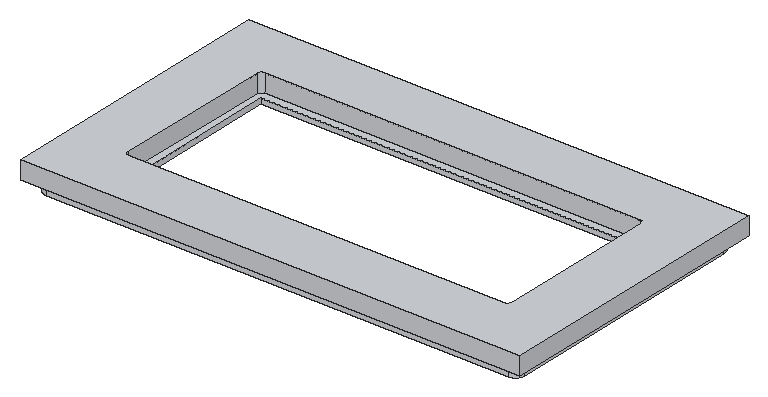
Revit family "Gira_100205", category Electrical Fixtures, host Face, Revit 2017
Family settings
  Host = Face
  Maintain Annotation Orientation = No
  Round Connector Dimension = Use Diameter
  Part Type = Normal
  Cut with Voids When Loaded = No
  Shared = No
  Room Calculation Point = No
Parameters (values of type "Abdeckrahmen 2f o.M. Gira Esprit G Schwarz")
  Werkstoffgüte = "sonstige"
  Werkstoff = "sonstige"
  URL = "http://katalog.gira.de/de_DE/datenblatt.html?artikelnr=100205"
  Transparent = "No"
  Textfeld/Beschriftungsfläche = "No"
  Schutzart (IP) = "IP20"
  Region = "DE"
  Oberfläche = "sonstige"
  Name = "Abdeckrahmen 2f o.M. Gira Esprit G Schwarz"
  Montagerichtung = "horizontal und vertikal"
  Mit Montagerahmen = "No"
  Mit Klappdeckel = "No"
  Manufacturer URL = "https://www.gira.de/"
  Keynote = "Espr._Rahmen_2fach o.Mittelsteg"
  HeinzeBIM = "https://bimportal.heinze.de/bim/abdeckrahmen-2f-o-m-gira-esprit-g-schwarz/f2a475cf737bf19e889b79ad55b6361936c70051"
  Halogenfrei = "No"
  HAN = "100205"
  Geeignet für Unterputz-Installation = "Yes"
  Geeignet für Unterflurkanaldose = "No"
  Geeignet für Geräteeinbaukanal = "No"
  Geeignet für Einbauinstallation = "No"
  GTIN = "4010337040538"
  Farbe = "schwarz"
  Default Elevation = 1219.2 mm
  Data sheet (1) = "https://katalog.gira.de/de_DE/download.html?artikelnr=100205"
  Category = "Abdeckrahmen"
  Befestigungsart = "Klemmbefestigung"
  Available = "Yes"
  Anzahl der Einheiten vertikal = "2 "
  Anzahl der Einheiten horizontal = "2 "
  Anzahl der Einheiten = "2 "
Reference planes
  plane 1 "Center (Front/Back)": y = 0
  plane 2: z = 0
  plane 3 "Center (Left/Right)": x = 0
Forms (mm)
  Extrusion 1, solid, detail levels fine
    sketch origin (0, 0, 0) x (1, 0, 0) y (0, 1, 0)
      loop
        line (-83, 47.5) -> (-83, -47.5) -> (83, -47.5) -> (83, 47.5) -> (-83, 47.5)
      loop
        arc (-63.75, -26.7) -> (-63.311, -27.761) -> (-62.25, -28.2) r 1.5
        line (-62.25, -28.2) -> (62.25, -28.2)
        arc (62.25, -28.2) -> (63.311, -27.761) -> (63.75, -26.7) r 1.5
        line (63.75, -26.7) -> (63.75, 26.7)
        arc (63.75, 26.7) -> (63.311, 27.761) -> (62.25, 28.2) r 1.5
        line (62.25, 28.2) -> (-62.25, 28.2)
        arc (-62.25, 28.2) -> (-63.311, 27.761) -> (-63.75, 26.7) r 1.5
        line (-63.75, 26.7) -> (-63.75, -26.7)
    from 0 to 6
  Extrusion 2, solid, detail levels fine
    sketch origin (0, 0, 0) x (1, 0, 0) y (0, 1, 0)
      loop
        line (-61.518, -25.7) -> (61.45, -25.7) -> (61.45, 25.7) -> (-61.518, 25.7) -> (-61.518, -25.7)
      loop
        arc (-78.55, -41.3) -> (-78.023, -42.573) -> (-76.75, -43.1) r 1.8
        line (-76.75, -43.1) -> (77.95, -43.1)
        arc (77.95, -43.1) -> (79.223, -42.573) -> (79.75, -41.3) r 1.8
        line (79.75, -41.3) -> (79.75, 41.3)
        arc (79.75, 41.3) -> (79.223, 42.573) -> (77.95, 43.1) r 1.8
        line (77.95, 43.1) -> (-76.75, 43.1)
        arc (-76.75, 43.1) -> (-78.023, 42.573) -> (-78.55, 41.3) r 1.8
        line (-78.55, 41.3) -> (-78.55, -41.3)
    from -1.9 to 0
  Extrusion 3, solid, detail levels fine
    sketch origin (0, 0, 0) x (1, 0, 0) y (0, 1, 0)
      loop
        arc (-76.75, 44.4) -> (-78.871, 43.521) -> (-79.75, 41.4) r 3
        line (-79.75, 41.4) -> (-79.75, -41.4)
        arc (-79.75, -41.4) -> (-78.871, -43.521) -> (-76.75, -44.4) r 3
        line (-76.75, -44.4) -> (76.75, -44.4)
        arc (76.75, -44.4) -> (78.871, -43.521) -> (79.75, -41.4) r 3
        line (79.75, -41.4) -> (79.75, 41.4)
        arc (79.75, 41.4) -> (78.871, 43.521) -> (76.75, 44.4) r 3
        line (76.75, 44.4) -> (-76.75, 44.4)
      loop
        arc (-78.55, -41.4) -> (-78.023, -42.673) -> (-76.75, -43.2) r 1.8
        line (-76.75, -43.2) -> (76.75, -43.2)
        arc (76.75, -43.2) -> (78.023, -42.673) -> (78.55, -41.4) r 1.8
        line (78.55, -41.4) -> (78.55, 41.4)
        arc (78.55, 41.4) -> (78.023, 42.673) -> (76.75, 43.2) r 1.8
        line (76.75, 43.2) -> (-76.75, 43.2)
        arc (-76.75, 43.2) -> (-78.023, 42.673) -> (-78.55, 41.4) r 1.8
        line (-78.55, 41.4) -> (-78.55, -41.4)
    from -3.7 to 0
  Extrusion 4, solid, detail levels medium
    sketch origin (0, 0, 0) x (1, 0, 0) y (0, 1, 0)
      loop
        line (-83, 47.5) -> (-83, -47.5) -> (83, -47.5) -> (83, 47.5) -> (-83, 47.5)
    from 0 to 6
  Extrusion 5, solid, detail levels medium
    sketch origin (0, 0, 0) x (1, 0, 0) y (0, 1, 0)
      loop
        line (-79.75, 44.4) -> (-79.75, -44.4) -> (79.75, -44.4) -> (79.75, 44.4) -> (-79.75, 44.4)
    from -3.7 to 0
  Extrusion 6, solid, detail levels coarse
    sketch origin (0, 0, 0) x (1, 0, 0) y (0, 1, 0)
      loop
        line (-83, 47.5) -> (-83, -47.5) -> (83, -47.5) -> (83, 47.5) -> (-83, 47.5)
    from -3.7 to 6
Dimensions and locks
  aligned and locked: plane 2 to host face
  aligned and locked: level to host face
